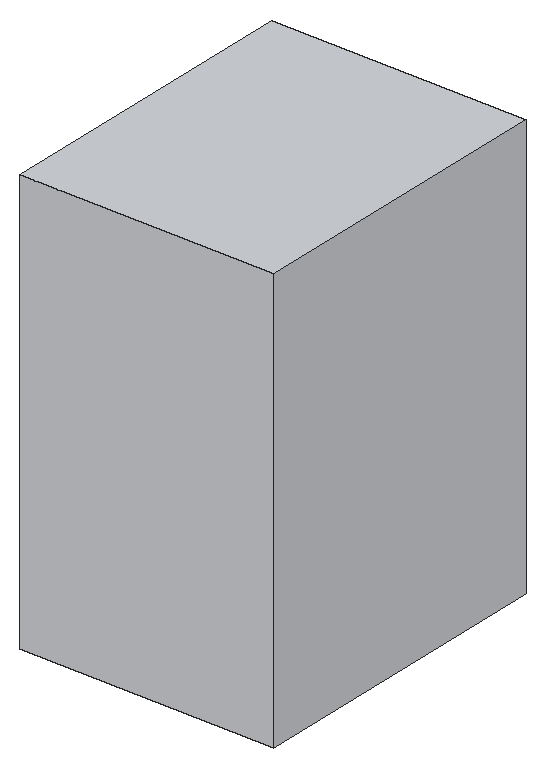
Revit family
Parameters
  box depth [instance] = 0' - 4"
  Warranty Duration (Years) = 0
  Unit Width [instance] = 0' - 0"
  Unit Height [instance] = 0' - 0"
  Unit Depth = 0' - 0"
  URL = "http://www.americanspecialties.com/viewCategories.cfm"
  Trim Material = Metal - Stainless Steel
  Test Data = ""
  Specification = "http://www.arcat.com/sdspecs/htm/10810asi.htm"
  SpecWizard = ""
  Send Message = "http://www.arcat.com/users.pl?action=UserEmail&company=American%20Specialties,%20Inc.&coid=30448&rep=139&fax=914-476-0688&mf="
  Sales Information = "http://www.americanspecialties.com/contact"
  Revision = "R1_10-2010"
  Product Properties = "http://www.americanspecialties.com/datasheets/20852.pdf"
  Product Data = "http://www.arcat.com/arcatcos/cos30/arc30448.html"
  Model = "As Specified in 10 28 13"
  Manufacturer Website = "http://www.americanspecialties.com/viewCategories.cfm"
  Manufacturer Phone - Toll Free = ""
  Manufacturer Phone = "914-476-9000 "
  Manufacturer Fax = "914-476-0688"
  Manufacturer Address = "441 Saw Mill River Rd., Yonkers, NY 10701"
  Manufacturer = "American Specialties, Inc."
  Maintenance Schedule (Months) = 0
  Keynote = "10 28 13"
  Installation-Fabrication = "http://www.americanspecialties.com/products.cfm"
  Green Building-LEED = ""
  Expected Lifespan (Years) = 0
  Drawn By = "Robert S. Weygant. CSI, CDT, SCIP"  # constant formula
  Description = "Toilet Accessory as Specified in 10 28 13"
  Default Elevation = 4' - 0"
  Copyright = "©Arcat Inc."
  Construction Details = "http://www.arcat.com/green/clients/leed_data_30448.html"
  Building Codes = "http://www.americanspecialties.com/products.cfm"
  Body Material = Metal - Stainless Steel
  Assembly Code = "C1030210"
Reference planes (in)
  plane 1 "Center (Front/Back)": y = -0.29112
  plane 2 "Floor Line": z = 0
  plane 3 "Center (Left/Right)": x = -0.65843
Forms (in)
  Extrusion 1, solid
    sketch origin (-3, -9, -6) x (0, 0, -1) y (1, 0, 0)
      loop
        line (-82, 26) -> (-82, -19.34712) -> (-6, -19.34712) -> (-6, 26) -> (-82, 26)
    from 15.29112 to -41.06337
  Extrusion 2, solid, material "Metal - Stainless Steel" <- "Body Material"
    sketch origin (0, -0.29112, 0) x (1, 0, 0) y (0, 0, 1)
      loop
        line (-3.78343, 0) -> (2.46657, 0)
        arc (2.46657, 0) -> (2.82012, 0.14645) -> (2.96657, 0.5) r 0.5
        line (2.96657, 0.5) -> (2.96657, 2.20925)
        arc (2.96657, 2.20925) -> (2.89605, 2.46527) -> (2.70438, 2.64908) r 0.5
        arc (2.70438, 2.64908) -> (-0.65843, 3.5) -> (-4.02125, 2.64908) r 7.07031
        arc (-4.02125, 2.64908) -> (-4.21291, 2.46527) -> (-4.28343, 2.20925) r 0.5
        line (-4.28343, 2.20925) -> (-4.28343, 0.5)
        arc (-4.28343, 0.5) -> (-4.13699, 0.14645) -> (-3.78343, 0) r 0.5
    from -4 to 5
  Extrusion 3, solid, material "Metal - Stainless Steel" <- "Trim Material"
    sketch origin (-0.65843, 0, 0) x (0, 1, 0) y (0, 0, 1)
      loop
        line (4.70888, 0.5) -> (4.70888, 2.71516)
        arc (4.70888, 2.71516) -> (4.63058, 2.98381) -> (4.42019, 3.16831) r 0.5
        line (4.42019, 3.16831) -> (3.70888, 3.5) -> (3.70888, 0) -> (4.20888, 0)
        arc (4.20888, 0) -> (4.56244, 0.14645) -> (4.70888, 0.5) r 0.5
    from -3.625 to 3.625
  Extrusion 4, void
    sketch origin (0, -0.29112, 0) x (1, 0, 0) y (0, 0, 1)
      loop
        arc (-0.65843, 3.5) -> (1.07597, 3.28397) -> (2.70438, 2.64908) r 7.07031
        arc (2.70438, 2.64908) -> (2.89605, 2.46527) -> (2.96657, 2.20925) r 0.5
        line (2.96657, 2.20925) -> (2.96657, 3.5) -> (-0.65843, 3.5)
    from -5 to -4
  Extrusion 5, void
    sketch origin (-1.31687, -0.29112, 0) x (-1, 0, 0) y (0, 0, -1)
      loop
        line (-0.65843, -3.5) -> (2.96657, -3.5) -> (2.96657, -2.20925)
        arc (2.96657, -2.20925) -> (2.89605, -2.46527) -> (2.70438, -2.64908) r 0.5
        arc (2.70438, -2.64908) -> (1.07597, -3.28397) -> (-0.65843, -3.5) r 7.07031
    from -5 to -4
  Extrusion 6, void
    sketch origin (0, -0.29112, 0) x (1, 0, 0) y (0, 0, 1)
      loop
        line (-4.28343, 0.5) -> (-4.28343, 0) -> (-3.78343, 0)
        arc (-3.78343, 0) -> (-4.13699, 0.14645) -> (-4.28343, 0.5) r 0.5
    from -5 to -4
  Extrusion 7, void
    sketch origin (-1.31687, -0.29112, 0) x (-1, 0, 0) y (0, 0, -1)
      loop
        arc (-4.28343, -0.5) -> (-4.13699, -0.14645) -> (-3.78343, 0) r 0.5
        line (-3.78343, 0) -> (-4.28343, 0) -> (-4.28343, -0.5)
    from -5 to -4
  Extrusion 8, void
    sketch origin (0, -0.29112, 0) x (1, 0, 0) y (0, 0, 1)
      loop
        arc (-4.15843, 0.5) -> (-4.0486, 0.23483) -> (-3.78343, 0.125) r 0.375
        line (-3.78343, 0.125) -> (2.46657, 0.125)
        arc (2.46657, 0.125) -> (2.73173, 0.23483) -> (2.84157, 0.5) r 0.375
        line (2.84157, 0.5) -> (2.84157, 2.20925)
        arc (2.84157, 2.20925) -> (2.78868, 2.40127) -> (2.64493, 2.53912) r 0.375
        arc (2.64493, 2.53912) -> (-0.65843, 3.375) -> (-3.96179, 2.53912) r 6.94531
        arc (-3.96179, 2.53912) -> (-4.10554, 2.40127) -> (-4.15843, 2.20925) r 0.375
        line (-4.15843, 2.20925) -> (-4.15843, 0.5)
    from -4.9375 to 4.88673
  Extrusion 9, void
    sketch origin (0, 0, 0) x (1, 0, 0) y (0, 1, 0)
      loop
        arc (-2.72093, 3.20146) -> (-2.65843, 2.9682) -> (-2.59593, 3.20146) r 0.125
        line (-2.59593, 3.20146) -> (-2.59593, 3.33388)
        arc (-2.59593, 3.33388) -> (-2.65843, 3.39638) -> (-2.72093, 3.33388) r 0.0625
        line (-2.72093, 3.33388) -> (-2.72093, 3.20146)
      loop
        line (1.40407, 3.20146) -> (1.40407, 3.33388)
        arc (1.40407, 3.33388) -> (1.34157, 3.39638) -> (1.27907, 3.33388) r 0.0625
        line (1.27907, 3.33388) -> (1.27907, 3.20146)
        arc (1.27907, 3.20146) -> (1.34157, 2.9682) -> (1.40407, 3.20146) r 0.125
    from 0 to 0.125
Cuts and joins
  Extrusion 4, Extrusion 5, Extrusion 6, Extrusion 7, Extrusion 8, Extrusion 9 cuts Extrusion 2
  Extrusion 4, Extrusion 5, Extrusion 6, Extrusion 7 cuts Extrusion 3
Dimensions and locks (in)
  aligned and locked: Extrusion 1 to level
  aligned and locked: Extrusion 9 to Extrusion 8
